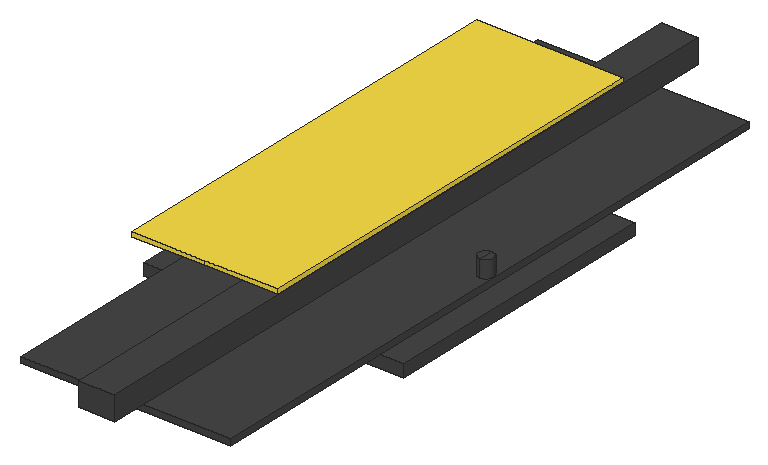
Revit family "P710100-031", category Lighting Fixtures, host Face, Revit 2021
Family settings
  Host = Face
  Round Connector Dimension = Use Diameter
  Part Type = Normal
  OmniClass Number = 23.80.70.11.14.11
  OmniClass Title = Downlights
  Cut with Voids When Loaded = No
  Light Source = Yes
  Shared = No
  Room Calculation Point = No
Parameters (values of type "P710100-031")
  Wattage Comments = "60W"
  Wattage = 60 W
  Warranty = "1 year warranty"  # constant formula
  built-in parameter 1150110 = 1 (stored number, unit not read)
  Voltage = 120 V
  built-in parameter 1114217 = 1 (stored number, unit not read)
  Tilt Angle = 180.00°
  built-in parameter 1150109 = 1 (stored number, unit not read)
  built-in parameter 1150134 = 3
  built-in parameter 1150113 = 1 (stored number, unit not read)
  Photometric Web File = "Generic.ies"
  built-in parameter 1150105 = 709.03 (stored number, unit not read)
  Lumens = 8912.52 lm
  built-in parameter 1150115 = 1 (stored number, unit not read)
  built-in parameter 1150137 = (empty or 0)
  built-in parameter 1150139 = (empty or 0)
  built-in parameter 1150112 = 1 (stored number, unit not read)
  built-in parameter 1150114 = 1 (stored number, unit not read)
  built-in parameter 1150132 = (empty or 0)
  built-in parameter 1150102 = (empty or 0)
  built-in parameter 1150107 = 3200 (stored number, unit not read)
  built-in parameter 1150138 = (empty or 0)
  built-in parameter 1150106 = 7.0903 (stored number, unit not read)
  Housing Material = Paint - Hubbell -Black
  Gold = Paint - Hubbell - Gold
  Glass = Glass - Hubbell - White
  Features = "Raise the bar on contemporary design with the Lowery Collection 1-Light Black/Distressed Gold Modern Hanging Pendant Light. Layered rectangular shields coated in a textured black iron finish are artistically combined with distressed gold leaf panels against a black frame. Light sources glowing from inside the structure cast a shimmering reflective light that highlights the beautiful contrast between light and dark.\r\nApplication: Raise the bar on contemporary design with the Lowery Collection 1-Light Black/Distressed Gold Modern Hanging Pendant Light is ideal for any entryway, hallway, foyer, bedroom, sitting room, living room, or bathroom.\r\nStyles: Perfect for contemporary and modern style settings.\r\nFinish: Layered rectangular shields coated in a textured black iron finish are artistically combined with distressed gold leaf panels against a black frame.\r\nMaterials: Constructed from steel to ensure a long product lifespan.\r\nGlass/Shades: Light sources glowing from inside the structure cast a shimmering reflective light that highlights the beautiful contrast between light and dark.\r\nBulbs: For ideal illumination, use 1 candelabra base bulb that is sold separately (60w max - LED/CFL/incandescent). Compatible with dimmable bulbs.\r\nDimensions: Measures 5-3/8-inch width by 15-1/8-inch height.\r\nCertifications: cULus damp location listed.\r\nPairs With: Pairs with the Adagio, Orrizo, and Rae collections from Progress Lighting.\r\nWarranty: Our 1-Year Limited Warranty guarantees your complete satisfaction with your purchase and includes professional after-sales customer service support."  # constant formula
  built-in parameter 1150104 = 13.8 (stored number, unit not read)
  Dimming Lamp Color Temperature Shift = <None>
  Copyright = "© 2021 Progress Lighting, a division of Hubbell Lighting, Inc"  # constant formula
  Contact us = "https://www.hubbell.com/progresslighting/en/contactUs"
  Color Filter = 16777215
  Certifications = "• cCSAus certified to UL 1598\r\n• Wall Mount: Suitable for wet locations\r\n• Surface & Pendant Mount: Suitable for wet\r\nlocations under covered ceiling\r\n• Cord Mount and all Wall Wash: Suitable for\r\ndamp locations"  # constant formula
  URL = "https://www.hubbell.com/progresslighting/en"
  Product Page URL = "https://www.hubbell.com/progresslighting/en/Products/Lighting-Controls/Design-Series/Wall-Sconce/Lowery-Collection-One-Light-Textured-BlackDistressed-Gold-Wall-Sconce-Light/p/6643575"
  Product Documentation Link = "https://hubbellcdn.com/specsheet/PROG_P710100-031_spec.pdf"
  Model = "P710100-031"  # constant formula
  Manufacturer = "Progress Lighting"  # constant formula
  Lamp = "LED/CFL/incandescent"
  Description = "Lowery Collection One-Light Textured Black/Distressed Gold Wall Sconce Light"  # constant formula
  Default Elevation = 48.000"
  built-in parameter 1114218 = 1 (stored number, unit not read)
  built-in parameter 1150133 = 10 (stored number, unit not read)
  Apparent Load = 60 VA  # constant formula
Reference planes (in)
  plane 1 "Center (Front/Back)": y = 0
  plane 2: z = 0
  plane 3 "Center (Left/Right)": x = 0
  plane 4: z = 1.375
  plane 5: z = 0.25
  plane 6: z = 10
  plane 7: x = 2.6875
  plane 8: x = -2.6875
  plane 9: y = -3
  plane 10: y = 3
  plane 11: y = 7.56
  plane 12: y = -7.56
Forms (in)
  Extrusion 1, solid, material "Paint - Hubbell -Black" <- "Housing Material"
    sketch origin (7.83986, -180.8919, 7.93836) x (-1, 0, 0) y (0, -1, 0)
      loop
        line (10.52736, -183.8919) -> (10.52736, -177.8919) -> (5.15236, -177.8919) -> (5.15236, -183.8919) -> (10.52736, -183.8919)
    from -7.93836 to -7.68836
  Extrusion 2, solid, material "Paint - Hubbell -Black" <- "Housing Material"
    sketch origin (7.83986, -180, 7.93836) x (-1, 0, 0) y (0, -1, 0)
      loop
        line (10.02736, -186.57177) -> (10.02736, -173.16012) -> (5.65236, -173.16012) -> (5.65236, -186.57177) -> (10.02736, -186.57177)
    from -7.68836 to -7.56904
  Extrusion 3, solid, material "Paint - Hubbell -Black" <- "Housing Material"
    sketch origin (7.83986, -180, 0.36932) x (-1, 0, 0) y (0, -1, 0)
      loop
        line (8.23181, -187.56) -> (8.23181, -172.44) -> (7.48181, -172.44) -> (7.48181, -187.56) -> (8.23181, -187.56)
    from 0 to 0.5
  Extrusion 4, solid, material "Paint - Hubbell -Black" <- "Housing Material"
    sketch origin (0, 0, 0) x (0, 1, 0) y (0, 0, 1)
      loop
        line (3, 0.86932) -> (3.25, 0.86932) -> (3.25, 1.93836) -> (3, 1.93836) -> (3, 0.86932)
      loop
        line (-3, 0.86932) -> (-3, 1.86932) -> (-3.25, 1.86932) -> (-3.25, 0.86932) -> (-3, 0.86932)
    from -0.39195 to 0.35805
  Extrusion 5, solid, material "Paint - Hubbell - Gold" <- "Gold"
    sketch origin (7.83986, -180, 7.93836) x (-1, 0, 0) y (0, -1, 0)
      loop
        line (9.35157, -184.15938) -> (9.35157, -175.20185) -> (7.83986, -175.20185) -> (6.32815, -175.20185) -> (6.32815, -184.15938) -> (7.83986, -184.15938) -> (9.35157, -184.15938)
    from -5.91248 to -6
  Revolve 6, solid, material "Paint - Hubbell -Black" <- "Housing Material"
    sketch origin (-2, 0, -0.5) x (0, 1, 0) y (0, 0, 1)
      loop
        line (0, 0.86932) -> (0, 1.21232) -> (-0.15444, 1.21232) -> (-0.15444, 0.86932) -> (0, 0.86932)
      axis (0, 1.21232) -> (0, 0.86932)
    angle from 0 to 360
  Revolve 7, solid, material "Paint - Hubbell -Black" <- "Housing Material"
    sketch origin (2, 0, -0.5) x (0, 1, 0) y (0, 0, -1)
      loop
        line (0, -0.86932) -> (-0.15444, -0.86932) -> (-0.15444, -1.21232) -> (0, -1.21232) -> (0, -0.86932)
      axis (0, -1.21232) -> (0, -0.86932)
    angle from 0 to 360
Dimensions and locks (in)
  plane 4 to host face = 1.375"
  locked: plane 5 to level at 0.25
  equal spacing: plane 8, plane 3 "Center (Left/Right)", plane 7
  plane 8 to plane 7 = 5.375"
  plane 3 "Center (Left/Right)" to Extrusion 2 = 2.1875"
  aligned and locked: plane 2 to host face
  aligned and locked: Extrusion 2 to plane 5
  aligned and locked: Extrusion 5 to Extrusion 4
Automatic sketch dimensions
  host sketch curve to host sketch curve = 96.000"  (x2)
  Extrusion 1 sketch curve to plane 7 = 0.000"
  Extrusion 1 sketch curve to plane 8 = 0.000"
  plane 10 to Extrusion 1 sketch curve = 0.000"
  plane 9 to Extrusion 1 sketch curve = 0.000"
  Extrusion 2 sketch curve to plane 7 = 0.500"
  plane 8 to Extrusion 2 sketch curve = 0.500"
  Extrusion 2 sketch curve to plane 10 = 3.57177"
  plane 9 to Extrusion 2 sketch curve = 3.83988"
  plane 11 to Extrusion 3 sketch curve = 0.000"
  plane 12 to Extrusion 3 sketch curve = 0.000"
  plane 3 "Center (Left/Right)" to Extrusion 3 sketch curve = 0.35805"
  Extrusion 3 sketch curve to plane 3 "Center (Left/Right)" = 0.39195"
  Extrusion 4 sketch curve to plane 9 = 0.000"
  Extrusion 4 sketch curve to plane 10 = 0.000"
  plane 9 to Extrusion 4 sketch curve = 0.250"
  Extrusion 4 sketch curve to plane 10 = 0.250"
  Extrusion 4 sketch curve to plane 4 = 0.50568"  (x2)
  plane 4 to Extrusion 4 sketch curve = 0.49432"
  plane 4 to Extrusion 4 sketch curve = 0.56336"
  Extrusion 5 sketch curve to plane 3 "Center (Left/Right)" = 0.000"  (x2)
  Extrusion 5 sketch curve to plane 7 = 1.17579"
  plane 8 to Extrusion 5 sketch curve = 1.17579"
  Extrusion 5 sketch curve to plane 10 = 1.15938"
  plane 9 to Extrusion 5 sketch curve = 1.79815"
  Revolve 6 sketch curve to plane 1 "Center (Front/Back)" = 0.000"  (x2)
  plane 1 "Center (Front/Back)" to Revolve 6 sketch curve = 0.15444"
  plane 5 to Revolve 6 sketch curve = 0.11932"
  Revolve 6 sketch curve to Revolve 6 sketch curve = 0.343"
  Revolve 6 sketch curve to level = 1.125"
  plane 4 to Revolve 6 sketch curve = 1.250"
  Revolve 7 sketch curve to plane 1 "Center (Front/Back)" = 0.000"  (x2)
  plane 1 "Center (Front/Back)" to Revolve 7 sketch curve = 0.15444"
  plane 5 to Revolve 7 sketch curve = 0.46232"
  plane 5 to Revolve 7 sketch curve = 0.11932"
  plane 4 to Revolve 7 sketch curve = 1.250"
  Revolve 7 sketch curve to level = 1.125"
Connectors (in)
  electrical at (0, 0, 0), driven by "Description", driven by "Voltage", driven by "Apparent Load"
    settings: index 1, voltage 120 V, apparent load 60 VA, apparent load phase1 0 VA, apparent load phase2 0 VA, apparent load phase3 0 VA, power factor 1, load classification "Other", number of poles 1, system type 30, power factor state 1, is connector primary yes, connector utility no, sub classification motor no, connector description "Lowery Collection One-Light Textured Black/Distressed Gold Wall Sconce Light"
